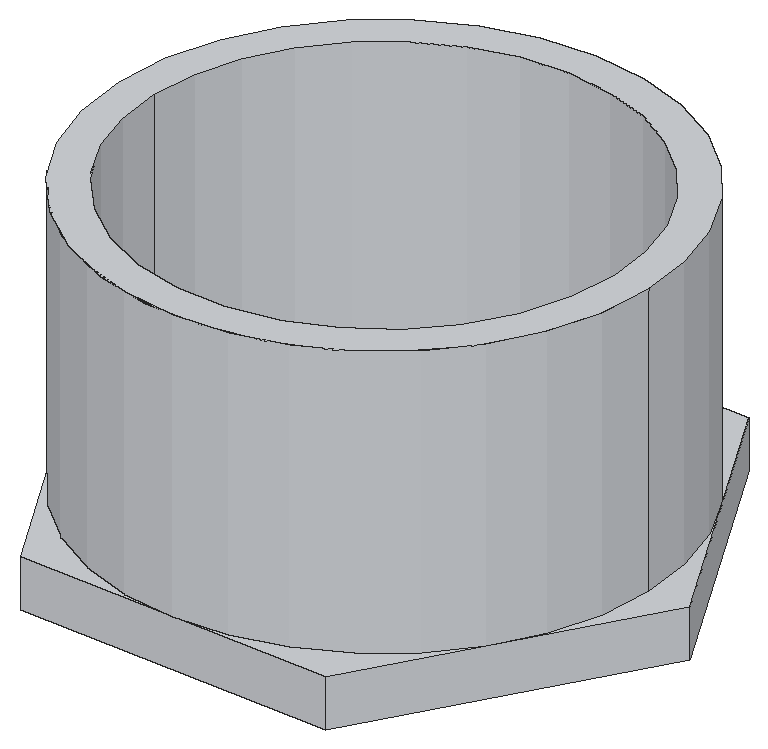
Revit family "MBBL4", category Generic Models, Revit 2017
Family settings
  Can host rebar = No
  Round Connector Dimension = Use Diameter
  Part Type = Normal
  Work Plane-Based = Yes
  Always vertical = No
  Cut with Voids When Loaded = No
  Shared = No
  Room Calculation Point = No
Parameters (values of type "NBS Standard Parameters")
  Weight = "0.0400Kg"
  WarrantyStartDate [instance] = "1900-12-31T23:59:59"
  WarrantyGuarantorParts = "n/a"
  WarrantyGuarantorLabor = "n/a"
  WarrantyDurationUnit = "year"
  WarrantyDurationParts = "1 year"
  WarrantyDurationLabor = "n/a"
  WarrantyDescription = "n/a"
  Version = "1"
  Uniclass2 = "Pr_65_70_11_20"
  TagNumber [instance] = "n/a"
  SustainabilityPerformance = "n/a"
  Size = "1.5\""
  Shape = "Circular"
  SerialNumber [instance] = "n/a"
  Revision = "n/a"
  ReplacementCost = "n/a"
  ProductInformation = "www.metpro.co.uk/pdf/mbbl4.pdf"
  NominalWidth = 39 mm
  NominalLength = 39 mm
  NominalHeight = 23 mm
  Name = ""
  NBSTypeID = ""
  NBSReference = "90-55-10/460"
  NBSOfficeMasterTag = ""
  NBSNote = ""
  NBSDescription = "Conduit Fittings"
  NBSCertification = ""
  ModelReference = "MBBL4"
  ModelNumber = "n/a"
  Material = "Brass"
  ManufacturerURL = "www.metpro.co.uk"
  ManufacturerName = "Metpro Ltd"
  InstallationDate [instance] = "1900-12-31T23:59:59"
  IfcExportType = ""
  IfcExportAs = ""
  Grade = "n/a"
  Finish = "Self Colour"
  Features = "n/a"
  ExpectedLife = "n/a"
  DurationUnit = "year"
  Description = "MBBL4 -  1.5\" Male Brass Bush - Long"
  Default Elevation = 1219.2 mm
  Constituents = "n/a"
  Color = "n/a"
  CodePerformance = "n/a"
  Category = "n/a"
  BarCode [instance] = "n/a"
  BIMObjectName = "Metpro_metprolibrary_conduitfittings_metalcomponent_brassaccessories"
  Author = "Metpro Ltd"
  AssetType = "Fixed"
  AssetIdentifier [instance] = "n/a"
  AccessibilityPerformance = "n/a"
Reference planes
  plane 1 "Center (Front/Back)": y = 0
  plane 2: z = 0
  plane 3 "Center (Left/Right)": x = 0
Forms (mm)
  Extrusion 1, solid
    sketch origin (0, 0, 0) x (1, 0, 0) y (0, 1, 0)
      loop
        circle (10.04, 13.158) r 17
      loop
        line (-1.233, 32.683) -> (-12.506, 13.158) -> (-1.233, -6.367) -> (21.313, -6.367) -> (32.585, 13.158) -> (21.313, 32.683) -> (-1.233, 32.683)
    from 0 to 3.5
  Extrusion 2, solid
    sketch origin (0, 0, 3.5) x (1, 0, 0) y (0, 1, 0)
      loop
        circle (10.04, 13.158) r 17
      loop
        circle (10.04, 13.158) r 19.549
    from 0 to 20
Dimensions and locks
  aligned and locked: level to plane 2
